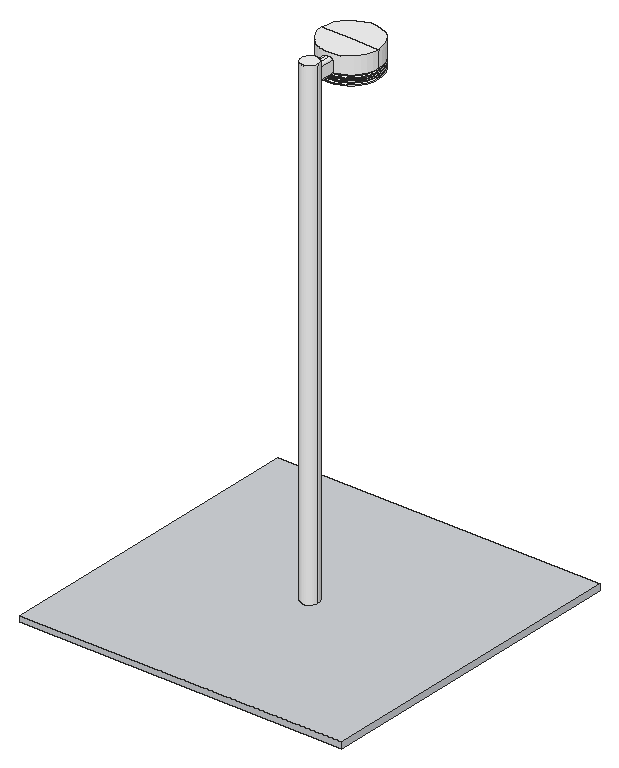
Revit family "CC_1A", category Lighting Fixtures, host Face, Revit 2021
Family settings
  Host = Face
  Round Connector Dimension = Use Diameter
  Part Type = Normal
  OmniClass Number = 23.80.70.11.14.17
  OmniClass Title = Direct/Indirect
  Cut with Voids When Loaded = No
  Light Source = No
  Shared = Yes
  Room Calculation Point = No
Parameters (values of type "CC-1A")
  White = Paint - Matte White
  Watts = 24 W
  Wattage Comments = "24"
  Warranty = "5 years Warranty"  # constant formula
  Voltage = 120 V
  URL = "https://www.currentlighting.com/kimlighting"
  Product Link = ""
  Product Documentation Link = ""
  Power Factor = 1
  Model = "Curvilinear Cutoff"  # constant formula
  Manufacturer = "KIM Lighting"  # constant formula
  Load Classification = Lighting
  Lamp = "LED"
  Housing Material = Paint - Textured Camera Black
  Height = 144"
  Gold = Gold
  Glass = Glass
  Fixture distribution = "Direct"  # constant formula
  Features = "• TIR Optics\r\n• Available in 595nm, 3000K, 4000K and 5000K standard CCT\r\n• Type 1, 2, 3, 4, 4W, 5QM, 5QN, 5R, 5W distributions\r\n• 0 - 10V dimming drivers standard\r\n• IP66 optic assembly"  # constant formula
  Description = "Sharp Cutoff and Visual Uniformity. The classic cylindrical design of the Curvilinear luminaire features a simple geometric shape for architectural relevance and is ideal for retail outlets or automotive dealerships. The luminaire family is designed for performance, providing energy efficiency, and glare control, all manufactured to Kim Lightings high standards for quality."  # constant formula
  Default Elevation = 48"
  Copyright = "©  Kim Lighting"  # constant formula
  Contact = ""
  Connector Description = "Lighting Connector"  # constant formula
  Assembly Code = "D5020200"
  Apparent Load = Watts / Power Factor  # 24 VA
  6 = no
  5 = no
  4 = no
  3 = no
  2 = no
  1 = yes
Types (6): name | 6 | 5 | 4 | 3 | 2 | 1
  CC-1A | no | no | no | no | no | yes
  CC-2SB | no | no | no | yes | no | yes
  CC-2SL | no | no | no | yes | yes | no
  CC-3ST | yes | yes | no | no | no | yes
  CC-3SY | no | no | no | yes | yes | yes
  CC-4C | no | no | yes | yes | yes | yes
Reference planes (in)
  plane 1 "Center (Front/Back)": y = 0
  plane 2: z = 0.5561
  plane 3 "Center (Left/Right)": x = 0
  plane 4: z = 144.5561
Forms (in)
  Extrusion 1, solid
    sketch origin (0, 0, 0) x (1, 0, 0) y (0, 1, 0)
      loop
        line (-48, 48) -> (-48, -48) -> (48, -48) -> (48, 48) -> (-48, 48)
    from 0.5561 to -1.25
  Extrusion 2, solid, material "Paint - Matte White" <- "White"
    sketch origin (0, 0, 0) x (1, 0, 0) y (0, 1, 0)
      loop
        circle (0, 0) r 2.5
    from 0.5561 to 144.5561
Dimensions and locks (in)
  "Height": plane 4 to Extrusion 1
  aligned and locked: plane 2 to Extrusion 1
  aligned and locked: Extrusion 2 to plane 2
  aligned and locked: plane 4 to Extrusion 2
Automatic sketch dimensions
  Extrusion 1 sketch curve to Extrusion 1 sketch curve = 96"  (x2)
  plane 1 "Center (Front/Back)" to Extrusion 2 sketch curve = 0"
  Extrusion 2 sketch curve to plane 3 "Center (Left/Right)" = 0"
  radius of Extrusion 2 sketch curve = 2 1/2"
Nested families (in)
  nested 1: "CC_Arm_Base" at (-0.05219, 15.31447, 144.5561), visible <- "1", type "LTV767NF/6L3KUV/NB"
  nested 2: "CC_Arm_Base" at (0.29606, -15.02452, 144.5561) x (-1, 0, 0) z (0, 0, 1), visible <- "4", type "LTV767NF/6L3KUV/NB"
  nested 3: "CC_Arm_Base" at (-15.02452, -0.29606, 144.5561) x (0, 1, 0) z (0, 0, 1), visible <- "2", type "LTV767NF/6L3KUV/NB"
  nested 4: "CC_Arm_Base" at (15.22701, -0.29606, 144.5561) x (0, 1, 0) z (0, 0, 1), visible <- "3", type "LTV767NF/6L3KUV/NB"
  nested 5: "CC_Arm_Base" at (13.54112, -6.82455, 144.5561) x (0.4538, 0.8911, 0) z (0, 0, 1), visible <- "6", type "LTV767NF/6L3KUV/NB"
  nested 6: "CC_Arm_Base" at (-13.19147, -6.68966, 144.5561) x (-0.4294, 0.9031, 0) z (0, 0, 1), visible <- "5", type "LTV767NF/6L3KUV/NB"
Connectors (in)
  electrical at (0, 0, 0.5561), driven by "Voltage", driven by "Apparent Load", driven by "Power Factor", driven by "Connector Description"
    settings: on Extrusion 2, index 1, voltage 120 V, apparent load 24 VA, apparent load phase1 0 VA, apparent load phase2 0 VA, apparent load phase3 0 VA, power factor 1, load classification "Other", number of poles 1, system type 30, power factor state 1, is connector primary yes, connector utility no, sub classification motor no, connector description "Lighting Connector"
Definition of nested family "CC_Arm_Base"
  Parameters
    White Surface = none
    Wattage Comments = "11W"
    Wattage = 28 W
    built-in parameter 1150110 = 1 (stored number, unit not read)
    Voltage = "120 to 277V"
    URL = "https://www.hubbell.com/hubbelllightingci/en/"
    Type Comments = "Lighting Fixture"  # constant formula
    built-in parameter 1114217 = 1 (stored number, unit not read)
    Tilt Angle = 45.00°
    built-in parameter 1150109 = 1 (stored number, unit not read)
    built-in parameter 1150134 = 3
    built-in parameter 1150113 = 1 (stored number, unit not read)
    Specification = "Energy efficient LED models\r\nBrass or aluminum housing for durability\r\nHex cell louver and prismatic spread lens options"  # constant formula
    Series = "In-grade/ Landscape "  # constant formula
    Product Page = "https://www.hubbell.com/hubbelllightingci/en/Products/Lighting-Controls/Commercial-Outdoor-Lighting/In-Grade/In-Grade-Minivault/p/248531"
    Power Factor = 1  # constant formula
    Photometric Web File = "CC17x2-36L-225-3K7-2.ies"
    OmniClass Title = "Buried Uplights"  # constant formula
    OmniClass Number = "23-80 70 14 11 21"  # constant formula
    Number of Poles = 1
    Note Visible = yes
    Note Text = "LF"  # constant formula
    Model = "LTV767NF/6L3KUV/NB"  # constant formula
    Manufacturer = "KIM Lighting"  # constant formula
    built-in parameter 1150105 = 270.05 (stored number, unit not read)
    Lumens = 3393.6 lm
    built-in parameter 1150115 = 1 (stored number, unit not read)
    built-in parameter 1150137 = (empty or 0)
    built-in parameter 1150139 = (empty or 0)
    Lens Ring Material = none
    built-in parameter 1150112 = 1 (stored number, unit not read)
    built-in parameter 1150114 = 1 (stored number, unit not read)
    Lamp = "LED"
    LED = none
    built-in parameter 1150132 = (empty or 0)
    built-in parameter 1150102 = (empty or 0)
    built-in parameter 1150107 = 3200 (stored number, unit not read)
    built-in parameter 1150138 = (empty or 0)
    built-in parameter 1150106 = 2.7005 (stored number, unit not read)
    Emit from Circle Diameter = 15"
    Emit Shape Visible in Rendering = no
    Diameter = 7 1/4"
    Contact us = "https://www.hubbell.com/hubbelllightingci/en/contactUs?productId=248531"
    Composite Housing material = none
    Glass Material = none
    Full Load Current = 11 A
    Frequency = 60 Hz
    Finish = "Cast Bronze, Natural Finish"  # constant formula
    built-in parameter 1150104 = 11.26 (stored number, unit not read)
    Dimming Lamp Color Temperature Shift = (empty or 0)
    Description = "Minivault incorporates more than 50 years of in-grade experience into every luminaire. A commitment to produce the most durable product possible is the core of the series, which now includes new low wattage pulse start metal halide lamps and LEDs expanding into residential applications."  # constant formula
    Default Elevation = 0"
    Color Filter = 16777215
    built-in parameter 1114218 = 1 (stored number, unit not read)
    built-in parameter 1150133 = 10 (stored number, unit not read)
    Assembly Code = "D5020200"
    Apparent Load = 11 VA
  Reference planes (in)
    plane 1 "Center (Front/Back)": y = 0
    plane 2: z = 0
    plane 3 "Center (Left/Right)": x = 0
    plane 4: x = -8.5
    plane 5: x = 8.5
    plane 6: y = 8.5
    plane 7: y = -8.5
  Forms (in)
    Extrusion 1, solid
      sketch origin (0, 0, 0) x (1, 0, 0) y (0, 1, 0)
        loop
          line (-48, 48) -> (-48, -48) -> (48, -48) -> (48, 48) -> (-48, 48)
      from 0 to -1.39695
    Revolve 2, solid, material <- "White Surface"
      sketch origin (0, 0, -0.65643) x (1, 0, 0) y (0, 0, 1)
        loop
          line (7.87949, -8) -> (8.5, -8) -> (8.5, -7.625) -> (8.12949, -7.41108) -> (8.12949, -7.15142) -> (8.5, -6.9375) -> (8.5, -6.6875) -> (8.12949, -6.47358) -> (8.12949, -6.21392) -> (8.5, -6) -> (8.5, -5.75) -> (8.12949, -5.53608) -> (8.12949, -5.27642) -> (8.5, -5.0625) -> (8.5, 0) -> (0, 0) -> (0, -7.41108) -> (7.87949, -7.41108) -> (7.87949, -8)
        axis (0, -8) -> (0, 0)
      angle from 0 to 360
    Extrusion 3, solid, material <- "White Surface"
      sketch origin (0, 0, -0.40643) x (1, 0, 0) y (0, 0, 1)
        loop
          line (-0.51569, -6.25) -> (0.48431, -6.25)
          arc (0.48431, -6.25) -> (1.01464, -6.03033) -> (1.23431, -5.5) r 0.75
          line (1.23431, -5.5) -> (1.23431, -2)
          arc (1.23431, -2) -> (1.01464, -1.46967) -> (0.48431, -1.25) r 0.75
          line (0.48431, -1.25) -> (-0.51569, -1.25)
          arc (-0.51569, -1.25) -> (-1.04602, -1.46967) -> (-1.26569, -2) r 0.75
          line (-1.26569, -2) -> (-1.26569, -5.5)
          arc (-1.26569, -5.5) -> (-1.04602, -6.03033) -> (-0.51569, -6.25) r 0.75
      from 8 to 13
    Extrusion 4, solid, material <- "LED"
      sketch origin (0, 0, -0.65643) x (0, -1, 0) y (1, 0, 0)
        loop
          circle (-0.60445, 0) r 0.16569
        loop
          circle (0, 0.60445) r 0.16569
        loop
          circle (0.60445, 0) r 0.16569
        loop
          circle (0, -0.60445) r 0.16569
        loop
          circle (-1.35445, 0) r 0.16569
        loop
          circle (-2.10445, 0) r 0.16569
        loop
          circle (-2.85445, 0) r 0.16569
        loop
          circle (-3.60445, 0) r 0.16569
        loop
          circle (-0.95774, 0.95774) r 0.16569
        loop
          circle (0, 1.35445) r 0.16569
        loop
          circle (0.95774, 0.95774) r 0.16569
        loop
          circle (1.35445, 0) r 0.16569
        loop
          circle (0.95774, -0.95774) r 0.16569
        loop
          circle (0, -1.35445) r 0.16569
        loop
          circle (-0.95774, -0.95774) r 0.16569
        loop
          circle (-1.48807, 1.48807) r 0.16569
        loop
          circle (0, 2.10445) r 0.16569
        loop
          circle (1.48807, 1.48807) r 0.16569
        loop
          circle (2.10445, 0) r 0.16569
        loop
          circle (1.48807, -1.48807) r 0.16569
        loop
          circle (0, -2.10445) r 0.16569
        loop
          circle (-1.48807, -1.48807) r 0.16569
        loop
          circle (-2.0184, 2.0184) r 0.16569
        loop
          circle (-2.54873, 2.54873) r 0.16569
        loop
          circle (0, 2.85445) r 0.16569
        loop
          circle (0, 3.60445) r 0.16569
        loop
          circle (2.0184, 2.0184) r 0.16569
        loop
          circle (2.54873, 2.54873) r 0.16569
        loop
          circle (2.85445, 0) r 0.16569
        loop
          circle (3.60445, 0) r 0.16569
        loop
          circle (2.0184, -2.0184) r 0.16569
        loop
          circle (2.54873, -2.54873) r 0.16569
        loop
          circle (0, -2.85445) r 0.16569
        loop
          circle (0, -3.60445) r 0.16569
        loop
          circle (-2.0184, -2.0184) r 0.16569
        loop
          circle (-2.54873, -2.54873) r 0.16569
      from -7.87223 to -7.625
    Extrusion 5, solid, material <- "Glass Material"
      sketch origin (0, 0, -0.65643) x (0, -1, 0) y (1, 0, 0)
        loop
          circle (0, 0) r 7.87949
      from -8 to -7.87223
  Dimensions and locks (in)
    aligned and locked: plane 2 to Extrusion 1
    aligned and locked: level to Extrusion 1
